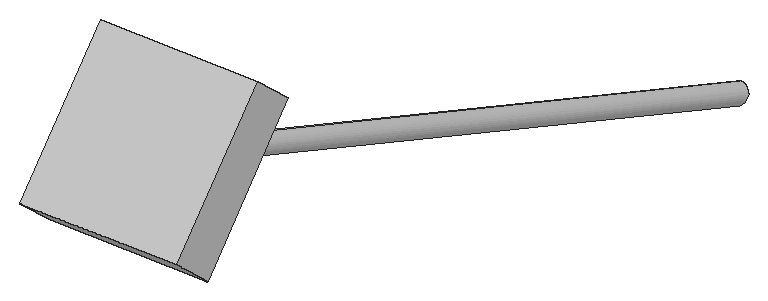
Revit family "SON-TYP-CSH-___-___", category Generic Models, Revit 2017
Family settings
  Can host rebar = No
  Round Connector Dimension = Use Diameter
  Part Type = Normal
  Work Plane-Based = No
  Always vertical = Yes
  Cut with Voids When Loaded = No
  Shared = No
  Room Calculation Point = No
Parameters (values of type "Nail Head_800x800")
  Soil Nail Total Length [instance] = 4000 mm
  Soil Nail Material = Ribbed Reinforcement
  Soil Nail Inclination [instance] = 20.00°
  Soil Nail Head Material = Concrete Grade 30/20
  Soil Nail Dia [instance] = 50 mm
  Nail Head to Pivot [instance] = (Nail Head Width * -1 - 50 mm - 82 mm) / cos(Nail Head Angle - Soil Nail Inclination)  # 125.573 mm
  Nail Head Angle [instance] = 40.00°
  Hole Fill Material = Cement Grout
  Nail Head Width = -250 mm
  Nail Head Length = 800 mm
  Hole Dia [instance] = 100 mm
  Corrosion Protection Layer Material = Corrugated Sheath
  Corrosion Protection Dia.Outer [instance] = Corrosion Protection Dia. + 5 mm  # 75 mm
  Corrosion Protection Layer [instance] = no
  Corrosion Protection Dia. [instance] = Soil Nail Dia + 20 mm  # 70 mm
Types (4, lengths in mm): name | Nail Head Length
  (no name) | 800
  Nail Head_400x400 | 400
  Nail Head_600x600 | 600
  Nail Head_800x800 | 800
Reference planes
  plane 1 "Center (Front/Back)": y = 0
  plane 2: z = 0
  plane 3 "Center (Left/Right)": x = 0
Forms (mm)
  Extrusion 1, solid, material "Concrete Grade 30/20" <- "Soil Nail Head Material"
    sketch origin (0, 180.816, -95.657) x (1, 0, 0) y (0, -0.642788, -0.766044)
      loop
        line (400, -400) -> (400, 400) -> (-400, 400) -> (-400, -400) -> (400, -400)
    from 0 to -250 <- "Nail Head Width"
  Sweep 2, solid, material "Ribbed Reinforcement" <- "Soil Nail Material"
    path in 3D
      loop
        line (0, 0, 0) -> (0, 3758.77, -1368.081)
    profile origin (0, 1879.385, -684.04) x (0, 0.34202, 0.939693) y (1, 0, 0)
      loop
        circle (0, 0) r 25
  Sweep 3, solid, material "Cement Grout" <- "Hole Fill Material"
    path in 3D
      loop
        line (0, 135.364, -49.268) -> (0, 3805.755, -1385.182)
    profile origin (0, 1970.56, -717.225) x (0, 0.34202, 0.939693) y (1, 0, 0)
      loop
        circle (0, 0) r 50
      loop
        circle (0, 0) r 25
  Sweep 4, solid, material "Corrugated Sheath" <- "Corrosion Protection Layer Material", visible <- "Corrosion Protection Layer"
    path in 3D
      loop
        line (0, 135.364, -49.268) -> (0, 3805.755, -1385.182)
    profile origin (0, 1970.56, -717.225) x (0, 0.34202, 0.939693) y (1, 0, 0)
      loop
        circle (0, 0) r 37.5
      loop
        circle (0, 0) r 35
Lines and regions (mm)
  reference lines
    curve 1: line (0, 0, 0) -> (0, 118, -42.948)
    curve 2: line (0, 118, -42.948) -> (0, 180.943, -42.948)
    curve 3: line (0, 118, -42.948) -> (0, 180.816, -95.657)
    curve 4: line (0, 0, 0) -> (0, 3758.77, -1368.081)
  sketch lines
    curve 5: line (0, 0, 0) -> (0, 3758.77, -1368.081)
    curve 6: line (0, 135.364, -49.268) -> (0, 3805.755, -1385.182)
    curve 7: line (0, 135.364, -49.268) -> (0, 3805.755, -1385.182)
Dimensions and locks
  "Nail Head to Pivot": curve 1 to curve 1
  "Nail Head Length": Extrusion 1 sketch curve to Extrusion 1 sketch curve  (x2)
  equal spacing: Extrusion 1 sketch curve, curve 3, Extrusion 1 sketch curve  (x2)
  "Soil Nail Total Length": curve 4 to curve 4
  Extrusion 1 to curve 4 = 50 mm
  "Soil Nail Dia": diameter of Sweep 2 sketch curve
  "Soil Nail Dia": diameter of Sweep 3 sketch curve
  "Hole Dia": diameter of Sweep 3 sketch curve
  "Corrosion Protection Dia.": diameter of Sweep 4 sketch curve
  "Corrosion Protection Dia.Outer": diameter of Sweep 4 sketch curve
  "Soil Nail Inclination": angle curve 1 to level
  "Nail Head Angle": angle curve 3 to curve 2
  "Soil Nail Inclination": angle curve 4 to level
  aligned and locked: level to plane 2
Automatic sketch dimensions
  curve 4 to level = 0 mm
  curve 4 to plane 1 "Center (Front/Back)" = 0 mm
  Sweep 2 sketch curve to profile plane = 0 mm  (x2)
  Sweep 3 sketch curve to Sweep 3 sketch curve = 0 mm  (x2)
  Sweep 3 sketch curve to profile plane = 0 mm  (x2)
  Sweep 4 sketch curve to Sweep 4 sketch curve = 0 mm  (x2)
  Sweep 4 sketch curve to profile plane = 0 mm  (x2)
Nested families
  nested 1: "SON-TYP-CSH-___-___-SYM" at (0, 0, 0), type "SON-TYP-CSH-___-___-SYM"
Definition of nested family "SON-TYP-CSH-___-___-SYM"
  Reference planes
    plane 1: y = 0
    plane 2: x = 0
  Lines and regions (mm)
    detail lines
      curve 1: line (0.75, 0.75, 0) -> (0.75, -0.75, 0)
      curve 2: line (-0.75, 0.75, 0) -> (-0.75, -0.75, 0)
      curve 3: line (-0.75, 0.75, 0) -> (0.75, 0.75, 0)
      curve 4: line (-0.75, -0.75, 0) -> (0.75, -0.75, 0)
      curve 7: line (3.137, -0.75, 0) -> (3.137, 0.75, 0)
      curve 8: line (4.137, 0.75, 0) -> (4.137, -0.75, 0)
      curve 9: line (3.137, 0.75, 0) -> (4.137, -0.75, 0)
    reference lines
      curve 5: line (1.75, -0.75, 0) -> (1.75, 1.882, 0)
      curve 6: line (2.75, -0.972, 0) -> (2.75, 1.882, 0)
      curve 10: line (2.75, 0.75, 0) -> (1.4, 0.75, 0)
      curve 11: line (2.75, -0.75, 0) -> (1.511, -0.75, 0)
  Nested families
    nested 1: "Sign Pole 2D" at (2.259, -0.033, 0), type "Sign Pole 2D"
  Definition of nested family "Sign Pole 2D"
    Reference planes
      plane 1: y = 0
      plane 2: x = 0
    Lines and regions (mm)
      detail lines
        curve 1: arc (-0.409, 0.38, 0) -> (-0.004, 0.785, 0) -> (0.401, 0.38, 0) r 0.405
        curve 2: arc (0.396, -0.36, 0) -> (-0.028, -0.724, 0) -> (-0.413, -0.32, 0) r 0.405
        curve 3: arc (-0.409, 0.38, 0) -> (-0.402, 0.279, 0) -> (-0.38, 0.179, 0) r 0.707
        curve 4: arc (0.396, -0.36, 0) -> (0.394, -0.269, 0) -> (0.38, -0.179, 0) r 0.707
        curve 5: line (-0.38, 0.179, 0) -> (0.38, -0.179, 0)
